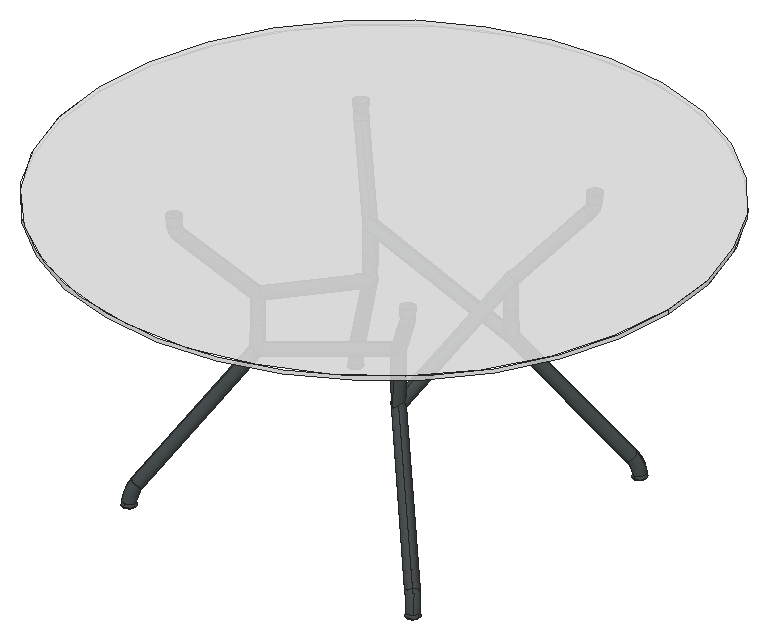
Revit family "Haworth_Branch_Table_RoundMedium", category Furniture, Revit 2018
Family settings
  OmniClass Number = 23.40.70.14.64.21
  OmniClass Title = Systems Furniture
  Work Plane-Based = No
  Always vertical = Yes
  Cut with Voids When Loaded = No
  Shared = No
  Room Calculation Point = No
Parameters (values of type "HCCE-BRMG - 63dia")
  Warranty = "http://www.haworth.com/resources/product-info/warranties"
  URL - Product = "https://www.haworth.com/na/en/products/collaborative-conference/branch.html"
  Top Finish [instance] = Haworth _ Glass _ Frosted
  Radius = Actual Width / 2  # 31 1/2"
  Model = "HCCE-BRMG"
  URL = "http://www.haworth.com/our-brands/haworth-collection"
  Size = "Verify Final Dim. w/ Haworth"  # constant formula
  Revision Number = "4"  # constant formula
  Standard Height = "29 in."  # constant formula
  Manufacturer = "Haworth"  # constant formula
  Description = "Haworth Branch Table Round Medium - 63dia"
  Base Finish [instance] = Haworth _ Paint _ Collection Anthracite
  Author = "Haworth (Hampton)"  # constant formula
  Assembly Code = "E2020200"
  Actual Width = 63"  # constant formula
  Actual Height = 28 1/2"  # constant formula
  Table Thickness = 1/2"  # constant formula
  Standard Depths = "63 in."  # constant formula
  Actual Depth = Actual Width  # 63"
Reference planes (in)
  plane 1 "Center F/B": y = -0.15866
  plane 2 "Floor": z = 0
  plane 3 "Center L/R": x = 0
  plane 4 "Table Edge Left": x = -31.5
  plane 5 "Table Edge Right": x = 31.5
  plane 6 "Table Edge Back": y = -31.65866
  plane 7 "Table Edge Front": y = 31.34134
  plane 8 "Table Bottom": z = 28.5
  plane 9 "Table Top Top": z = 29
Forms (in)
  Extrusion 1, solid, material "Haworth _ Glass _ Frosted" <- "Top Finish"
    sketch origin (0, 0, 0) x (1, 0, 0) y (0, 1, 0)
      loop
        circle (0, -0.15866) r 31.5
    from 28.5 to 29
Lines and regions (in)
  Masking region 1
    outline origin (0, 0, 26.75) x (0, -1, 0) y (1, 0, 0)
      loop
        circle (0.15866, 0) r 31.5
  reference lines
    curve 1: circle (0, -0.15866, 0) r 31.5 normal (0, 0, 1)
Dimensions and locks (in)
  "Actual Depth": plane 7 "Table Edge Front" to plane 6 "Table Edge Back"
  "Actual Width": plane 4 "Table Edge Left" to plane 5 "Table Edge Right"
  equal spacing: plane 4 "Table Edge Left", plane 3 "Center L/R", plane 5 "Table Edge Right"
  equal spacing: plane 7 "Table Edge Front", plane 1 "Center F/B", plane 6 "Table Edge Back"
  "Actual Height": plane 8 "Table Bottom" to level
  "Table Thickness": plane 9 "Table Top Top" to plane 8 "Table Bottom"
  "Radius": radius of curve 1
  aligned and locked: Extrusion 1 sketch curve to curve 1
  aligned and locked: Masking region 1 sketch curve to Extrusion 1
  aligned and locked: plane 3 "Center L/R" to nested 1
  aligned and locked: plane 1 "Center F/B" to nested 1
  aligned and locked: plane 9 "Table Top Top" to Extrusion 1
  aligned and locked: plane 8 "Table Bottom" to Extrusion 1
Automatic sketch dimensions
  plane 1 "Center F/B" to curve 1 = 0"
  curve 1 to plane 3 "Center L/R" = 0"
Nested families (in)
  nested 1: "Haworth_Branch-Table-Leg4-Part" at (0, 0, 0), type "Base"
Definition of nested family "Haworth_Branch-Table-Leg4-Part"
  Parameters
    Warranty = "http://haworthcollection.com/hc/about-us/certifications-warranties"
    Sustainability Info = "www.haworth.com/en-us/About-Us/Sustainability/Pages/Vision.aspx"
    Support Location Offset = 7 203/256"  # constant formula
    Support Finish = none
    Product Page URL = "http://haworthcollection.com/hc/products/tables-conference/branch"
    Model = "Haworth_Branch-Table-Leg4-Part"  # constant formula
    URL = "http://haworthcollection.com/"
    Support Height = 28 1/2"  # constant formula
    Size = "Verify Final Dim. w/ Haworth"  # constant formula
    Revision Number = "1"  # constant formula
    Manufacturer = "Haworth"  # constant formula
    Description = "Haworth_Branch-Table-Leg4-Part"
    Author = "Haworth (Hampton)"  # constant formula
    Assembly Code = "E2020200"
    Actual Width = 63"  # constant formula
    Actual Height = 28 3/4"  # constant formula
    Actual Depth = Actual Width  # 63"
  Reference planes (in)
    plane 1 "Center F/B": y = -0.15866
    plane 2 "Floor": z = 0
    plane 3 "Center L/R": x = 0
    plane 4 "Table Edge Left": x = -31.5
    plane 5 "Table Edge Right": x = 31.5
    plane 6 "Table Edge Back": y = -31.61893
    plane 7 "Table Edge Front": y = 31.38107
    plane 8 "Table Bottom": z = 28.75
    plane 9 "Diagonal LR": through (0, -0.15866, 48) normal (-0.7071, 0.7071, 0)
    plane 10 "Diagonal RL": through (0, -0.15866, 48) normal (-0.7071, -0.7071, 0)
    plane 11 "Support Back": y = 7.63431
    plane 12 "Support Front": y = -7.95163
    plane 13 "Support Left": x = -7.79297
    plane 14 "Support Right": x = 7.79297
  Dimensions and locks (in)
    "Actual Depth": plane 7 "Table Edge Front" to plane 6 "Table Edge Back"
    "Actual Width": plane 4 "Table Edge Left" to plane 5 "Table Edge Right"
    equal spacing: plane 4 "Table Edge Left", plane 3 "Center L/R", plane 5 "Table Edge Right"
    plane 7 "Table Edge Front" to plane 1 "Center F/B" to plane 6 "Table Edge Back" = 31.53973", 31.46027"
    "Actual Height": plane 8 "Table Bottom" to level
    "Support Location Offset": plane 13 "Support Left" to plane 3 "Center L/R"
    "Support Location Offset": plane 3 "Center L/R" to plane 14 "Support Right"
    "Support Location Offset": plane 11 "Support Back" to plane 1 "Center F/B"
    "Support Location Offset": plane 12 "Support Front" to plane 1 "Center F/B"
    aligned and locked: nested 1 to plane 14 "Support Right"
    aligned and locked: nested 2 to plane 12 "Support Front"
    aligned and locked: nested 2 to plane 14 "Support Right"
    aligned and locked: plane 14 "Support Right" to nested 3
    aligned and locked: plane 11 "Support Back" to nested 3
    aligned and locked: nested 4 to plane 13 "Support Left"
    aligned and locked: plane 12 "Support Front" to nested 4
  Nested families (in)
    nested 1: "Haworth_Branch-Table-Leg-Part" at (-7.79231, -7.79297, 0), type "Haworth_Branch-Table-Leg-Part"
    nested 2: "Haworth_Branch-Table-Leg-Part" at (7.63431, -7.95163, 0) x (0, 1, 0) z (0, 0, 1), type "Haworth_Branch-Table-Leg-Part"
    nested 3: "Haworth_Branch-Table-Leg-Part" at (7.79297, 7.47565, 0) x (-1, 0, 0) z (0, 0, 1), type "Haworth_Branch-Table-Leg-Part"
    nested 4: "Haworth_Branch-Table-Leg-Part" at (-7.63431, 7.63365, 0) x (0, -1, 0) z (0, 0, 1), type "Haworth_Branch-Table-Leg-Part"
  Definition of nested family "Haworth_Branch-Table-Leg-Part"
    Parameters
      Warranty = "http://haworthcollection.com/hc/about-us/certifications-warranties"
      Support Location_Front_Back = 2 25/32"  # constant formula
      Support Location Offset = 5 3/4"  # constant formula
      Support Finish = none
      Model = "Haworth_Branch-Table-Leg-Part"  # constant formula
      URL = "http://haworthcollection.com/"
      Support Height = 17 59/128"  # constant formula
      Size = "Verify Final Dim. w/ Haworth"  # constant formula
      Revision Number = "1"  # constant formula
      Standard Height = "29 in."  # constant formula
      Manufacturer = "Haworth"  # constant formula
      Description = "Haworth_Branch-Table-Leg-Part"
      Author = "Haworth (Hampton)"  # constant formula
      Assembly Code = "E2020200"
      Actual Width = 28 39/64"  # constant formula
      Actual Height = 28 129/256"  # constant formula
      Actual Depth = 7 119/128"  # constant formula
    Reference planes (in)
      plane 1 "Center F/B": y = -0.15866
      plane 2 "Floor": z = 0
      plane 3 "Support Left Middle": x = 0
      plane 4 "Left Bottom": y = -8.08835
      plane 5 "Right Bottom": y = -5.3071
      plane 6 "Support Right Middle": x = 15.58527
      plane 7 "Table Top Bottom": z = 28.50391
      plane 8 "Support Middle Attach": z = 17.46094
      plane 9 "Support Left Bottom": x = -7.88227
      plane 10 "Support Right Top": x = 20.7271
      plane 11 "Bottom Angel": through (0, -0.15866, 48) normal (0.7092, -0.705, 0)
      plane 12 "Top Angel": through (15.58527, -0.15866, 48) normal (0.7076, 0.7067, 0)
      plane 13 "Support Left Middle Bottom": z = 14.40936
      plane 14 "Support Right Middle Top": z = 20.4749
    Forms (in)
      Revolve 1, solid, material <- "Support Finish"
        sketch origin (-7.88227, 0, 0) x (0, 1, 0) y (0, 0, 1)
          loop
            line (-8.08835, 0) -> (-8.08835, 0.39369) -> (-8.58706, 0.39369) -> (-8.63046, 0.3633) -> (-8.76782, 0.02333) -> (-8.74449, 0) -> (-8.08835, 0)
          axis (-8.08835, 0.39369) -> (-8.08835, 0)
        angle from 0 to 360
      Revolve 2, solid, material <- "Support Finish"
        sketch origin (20.7271, 0, 0) x (0, 1, 0) y (0, 0, 1)
          loop
            line (-5.3071, 28.50391) -> (-5.96353, 28.50391) -> (-6.02112, 28.44632) -> (-5.94538, 27.58054) -> (-5.92842, 27.55116) -> (-5.3071, 27.55116) -> (-5.3071, 28.50391)
          axis (-5.3071, 28.50391) -> (-5.3071, 27.55116)
        angle from 0 to 360
      Sweep 3, solid, material <- "Support Finish"
        path origin (0.07933, -0.07885, 0) x (0.704983, 0.709224, 0) y (0, 0, 1)
          loop
            line (0.02251, 14.92599) -> (-10.59575, 2.11742)
            arc (-10.59575, 2.11742) -> (-11.07813, 1.30963) -> (-11.29321, 0.39369) r 3.06996
        profile origin (-3.64765, -3.82825, 8.5217) x (0.542739, 0.546004, -0.638212) y (0.709224, -0.704983, 0)
          loop
            circle (0, 0) r 0.625
      Sweep 4, solid, material <- "Support Finish"
        path origin (7.72322, 7.7134, 0) x (-0.706657, 0.707556, 0) y (0, 0, 1)
          loop
            line (-11.10701, 20.16514) -> (-17.92049, 26.51881)
            arc (-17.92049, 26.51881) -> (-18.25938, 26.98819) -> (-18.3944, 27.55116) r 1.49411
        profile origin (17.97946, -2.55589, 23.34197) x (0.481939, -0.482552, -0.731354) y (0.707556, 0.706657, 0)
          loop
            circle (0, 0) r 0.625
      Sweep 5, solid, material <- "Support Finish"
        path origin (0, -0.15866, 0) x (1, 0, 0) y (0, 0, 1)
          loop
            line (0.11904, 14.74789) -> (15.89148, 20.38637)
        profile origin (8.00526, -0.15866, 17.56713) x (-0.336626, 0, 0.941638) y (0, -1, 0)
          loop
            circle (0, 0) r 0.625
      Blend 6, solid, material <- "Support Finish"
        base sketch origin (0, 0, 14.40936) x (-1, 0, 0) y (0, -1, 0)
          loop
            spline (0.75, 0.15866) -> (0.72444, 0.28807) -> (0.64952, 0.40866) -> (0.53033, 0.51221) -> (0.375, 0.59167) -> (0.19411, 0.64162) -> (0, 0.65866) -> (-0.19411, 0.64162) -> (-0.375, 0.59167) -> (-0.53033, 0.51221) -> (-0.64952, 0.40866) -> (-0.72444, 0.28807) -> (-0.75, 0.15866)
            spline (-0.75, 0.15866) -> (-0.72444, 0.02925) -> (-0.64952, -0.09134) -> (-0.53033, -0.19489) -> (-0.375, -0.27435) -> (-0.19411, -0.3243) -> (0, -0.34134) -> (0.19411, -0.3243) -> (0.375, -0.27435) -> (0.53033, -0.19489) -> (0.64952, -0.09134) -> (0.72444, 0.02925) -> (0.75, 0.15866)
        top sketch origin (0, 0, 14.40936) x (-1, 0, 0) y (0, -1, 0)
          loop
            circle (0, 0.15866) r 0.625
        from 0 to 3.05157
      Blend 7, solid, material <- "Support Finish"
        base sketch origin (0, 0, 0) x (1, 0, 0) y (0, 1, 0)
          loop
            circle (15.58527, -0.15866) r 0.625
        top sketch origin (0, 0, 0) x (1, 0, 0) y (0, 1, 0)
          loop
            spline (16.33527, -0.15866) -> (16.30972, -0.02925) -> (16.23479, 0.09134) -> (16.1156, 0.19489) -> (15.96027, 0.27435) -> (15.77939, 0.3243) -> (15.58527, 0.34134) -> (15.39116, 0.3243) -> (15.21027, 0.27435) -> (15.05494, 0.19489) -> (14.93576, 0.09134) -> (14.86083, -0.02925) -> (14.83527, -0.15866)
            spline (14.83527, -0.15866) -> (14.86083, -0.28807) -> (14.93576, -0.40866) -> (15.05494, -0.51221) -> (15.21027, -0.59167) -> (15.39116, -0.64162) -> (15.58527, -0.65866) -> (15.77939, -0.64162) -> (15.96027, -0.59167) -> (16.1156, -0.51221) -> (16.23479, -0.40866) -> (16.30972, -0.28807) -> (16.33527, -0.15866)
        from 17.46094 to 20.4749
    Cuts and joins
      joined: Sweep 3, Sweep 4, Sweep 5, Blend 6, Blend 7
    Lines and regions (in)
      symbolic lines, detail levels medium+fine
        curve 1: spline (-8.32151, -8.53023, 14.40936) -> (-8.42127, -8.40113, 14.40936) -> (-8.48429, -8.25071, 14.40936) -> (-8.50628, -8.08922, 14.40936) -> (-8.48573, -7.92767, 14.40936) -> (-8.42406, -7.77706, 14.40936) -> (-8.32546, -7.64766, 14.40936) -> (-8.19666, -7.54828, 14.40936) -> (-8.04642, -7.48571, 14.40936) -> (-7.88499, -7.4642, 14.40936) -> (-7.72337, -7.48522, 14.40936) -> (-7.57258, -7.54733, 14.40936) -> (-7.44288, -7.64631, 14.40936)
        curve 2: spline (-7.44288, -7.64631, 14.40936) -> (-7.34313, -7.77541, 14.40936) -> (-7.28011, -7.92583, 14.40936) -> (-7.25812, -8.08732, 14.40936) -> (-7.27866, -8.24888, 14.40936) -> (-7.34033, -8.39949, 14.40936) -> (-7.43893, -8.52889, 14.40936) -> (-7.56774, -8.62826, 14.40936) -> (-7.71798, -8.69083, 14.40936) -> (-7.8794, -8.71234, 14.40936) -> (-8.04102, -8.69133, 14.40936) -> (-8.19182, -8.62921, 14.40936) -> (-8.32151, -8.53023, 14.40936)
        curve 3: arc (0.625, -0.15866, 14.40936) -> (0, 0.46634, 14.40936) -> (-0.625, -0.15866, 14.40936) r 0.625
        curve 4: arc (-0.625, -0.15866, 14.40936) -> (0, -0.78366, 14.40936) -> (0.625, -0.15866, 14.40936) r 0.625
        curve 5: arc (14.96027, -0.15866, 14.40936) -> (15.58527, 0.46634, 14.40936) -> (16.21027, -0.15866, 14.40936) r 0.625
        curve 6: arc (16.21027, -0.15866, 14.40936) -> (15.58527, -0.78366, 14.40936) -> (14.96027, -0.15866, 14.40936) r 0.625
        curve 7: arc (20.7271, -5.96353, 14.40936) -> (20.07067, -5.3071, 14.40936) -> (20.7271, -4.65066, 14.40936) r 0.65644
        curve 8: arc (20.7271, -4.65066, 14.40936) -> (21.38354, -5.3071, 14.40936) -> (20.7271, -5.96353, 14.40936) r 0.65644
        curve 9: line (20.2769, -5.78483, 14.40936) -> (15.13701, -0.59419, 14.40936)
        curve 10: line (16.06474, 0.24227, 14.40936) -> (21.21735, -4.87056, 14.40936)
        curve 11: line (15.58527, 0.46634, 14.40936) -> (0, 0.46634, 14.40936)
        curve 12: line (0, -0.78366, 14.40936) -> (15.58527, -0.78366, 14.40936)
        curve 13: line (0.45145, -0.59088, 14.40936) -> (-7.46803, -8.55361, 14.40936)
        curve 14: line (-8.32541, -7.6476, 14.40936) -> (-0.41238, 0.31099, 14.40936)
    Dimensions and locks (in)
      "Actual Depth": plane 1 "Center F/B" to plane 4 "Left Bottom"
      "Support Location_Front_Back": plane 5 "Right Bottom" to plane 4 "Left Bottom"
      "Support Height": plane 8 "Support Middle Attach" to level
      "Actual Height": plane 7 "Table Top Bottom" to level
      "Actual Width": plane 10 "Support Right Top" to plane 9 "Support Left Bottom"
      Blend 7 sketch curve to Blend 7 sketch curve = 3/4"
      radius of Blend 6 sketch curve = 5/8"
      aligned and locked: Revolve 1 sketch curve to plane 4 "Left Bottom"
      aligned and locked: Revolve 2 sketch curve to plane 5 "Right Bottom"
      aligned and locked: plane 8 "Support Middle Attach" to Blend 6
      aligned and locked: Blend 6 to plane 13 "Support Left Middle Bottom"
      aligned and locked: Blend 7 to plane 14 "Support Right Middle Top"
      aligned and locked: Blend 7 to plane 8 "Support Middle Attach"
    Automatic sketch dimensions
      Revolve 1 sketch curve to level = 0"
      Revolve 1 sketch curve to plane 4 "Left Bottom" = 0"
      Revolve 1 sketch curve to Revolve 1 sketch curve = 0.49871"
      Revolve 1 sketch curve to Revolve 1 sketch curve = 0.0434"
      Revolve 1 sketch curve to Revolve 1 sketch curve = 0.11403"
      level to Revolve 1 sketch curve = 0.02333"
      Revolve 1 sketch curve to Revolve 1 sketch curve = 0.02333"
      Revolve 1 sketch curve to level = 12"
      level to Revolve 1 sketch curve = 0.3633"
      Revolve 1 sketch curve to Revolve 1 sketch curve = 0.39369"
      plane 7 "Table Top Bottom" to Revolve 1 sketch curve = 67 127/256"
      Revolve 2 sketch curve to plane 5 "Right Bottom" = 0"
      Revolve 2 sketch curve to plane 7 "Table Top Bottom" = 0"
      Revolve 2 sketch curve to Revolve 2 sketch curve = 0.62132"
      Revolve 2 sketch curve to Revolve 2 sketch curve = 0.01696"
      Revolve 2 sketch curve to Revolve 2 sketch curve = 0.65644"
      Revolve 2 sketch curve to plane 7 "Table Top Bottom" = 0.05759"
      Revolve 2 sketch curve to Revolve 2 sketch curve = 0.05759"
      Revolve 2 sketch curve to Revolve 2 sketch curve = 0.86577"
      Revolve 2 sketch curve to Revolve 2 sketch curve = 0.02938"
      Revolve 2 sketch curve to level = 12"
      Revolve 2 sketch curve to Revolve 2 sketch curve = 67 127/256"
      level to Sweep 3 sketch curve = 0.39369"
      Sweep 3 sketch curve to Sweep 3 sketch curve = 0.69747"
      level to Sweep 3 sketch curve = 2.11742"
      level to Sweep 3 sketch curve = 0.15813"
      Sweep 3 sketch curve to plane 8 "Support Middle Attach" = 2.53495"
      Sweep 3 sketch curve to Sweep 3 sketch curve = 10.61825"
      Sweep 3 sketch curve to plane 11 "Bottom Angel" = 0"
      Sweep 3 sketch curve to profile plane = 0"
      Sweep 4 sketch curve to plane 7 "Table Top Bottom" = 0.95274"
      Sweep 4 sketch curve to Sweep 4 sketch curve = 0.47391"
      Sweep 4 sketch curve to plane 7 "Table Top Bottom" = 1.9851"
      Sweep 4 sketch curve to Sweep 4 sketch curve = 1.01898"
      plane 8 "Support Middle Attach" to Sweep 4 sketch curve = 2.7042"
      Sweep 4 sketch curve to Sweep 4 sketch curve = 6.81347"
      Sweep 4 sketch curve to plane 12 "Top Angel" = 0"
      Sweep 4 sketch curve to profile plane = 0"
      plane 1 "Center F/B" to Sweep 5 sketch curve = 0"
      Sweep 5 sketch curve to profile plane = 0"
      plane 3 "Support Left Middle" to Sweep 5 sketch curve = 0.11904"
      plane 6 "Support Right Middle" to Sweep 5 sketch curve = 0.30621"
      Sweep 5 sketch curve to plane 8 "Support Middle Attach" = 2.71305"
      plane 8 "Support Middle Attach" to Sweep 5 sketch curve = 2.92544"
      plane 1 "Center F/B" to Blend 6 sketch curve = 0"  (x2)
      Blend 6 sketch curve to plane 3 "Support Left Middle" = 0"  (x2)
      Blend 6 sketch curve to Blend 6 sketch curve = 3/4"
      plane 1 "Center F/B" to Blend 7 sketch curve = 0"  (x2)
      Blend 7 sketch curve to plane 6 "Support Right Middle" = 0"  (x2)
      curve 7 to plane 5 "Right Bottom" = 0"
      curve 7 to plane 10 "Support Right Top" = 0"
      plane 1 "Center F/B" to curve 6 = 0"
      curve 12 to plane 6 "Support Right Middle" = 0"
      curve 6 to plane 6 "Support Right Middle" = 0"
      curve 11 to plane 6 "Support Right Middle" = 0"
      curve 11 to plane 3 "Support Left Middle" = 0"
      curve 12 to plane 3 "Support Left Middle" = 0"
      curve 3 to plane 3 "Support Left Middle" = 0"
      plane 11 "Bottom Angel" to curve 1 = 0"
      plane 10 "Support Right Top" to curve 10 = 0.49025"
      curve 9 to plane 10 "Support Right Top" = 0.4502"
      curve 10 to plane 1 "Center F/B" = 0.40092"
      plane 1 "Center F/B" to curve 9 = 0.43553"
      plane 1 "Center F/B" to curve 13 = 0.43222"
      curve 14 to plane 3 "Support Left Middle" = 0.41238"
      plane 9 "Support Left Bottom" to curve 1 = 0.43939"
      plane 9 "Support Left Bottom" to curve 13 = 0.41424"
      plane 9 "Support Left Bottom" to curve 2 = 0.00007"
      curve 14 to plane 9 "Support Left Bottom" = 0.44313"
      curve 14 to curve 1 = 0.00006"
      curve 2 to curve 1 = 0"
      curve 11 to curve 14 = 0.15536"
      plane 5 "Right Bottom" to curve 8 = 0.65644"
      curve 13 to plane 4 "Left Bottom" = 0.46527"
      radius of Sweep 3 sketch curve = 5/8"
      radius of Sweep 4 sketch curve = 5/8"
      radius of Sweep 5 sketch curve = 5/8"
      radius of Blend 7 sketch curve = 5/8"
